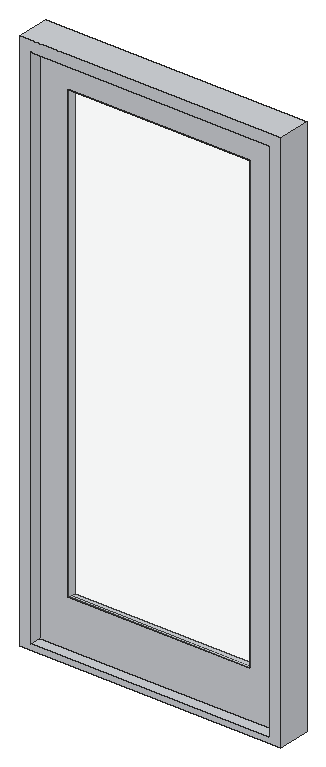
Revit family "PHLS Door", category Doors, host Wall, Revit 2018 (continued)
Definition of nested family "dReveal Right Side Text - Elevation"
  Lines and regions (mm)
    Filled region 7, type "Solid Fill - Blue", in view "Ref. Level"
      outline origin (140.799, 0, 0) x (1, 0, 0) y (0, 1, 0)
        loop
          line (-188.129, -25.472) -> (-174.751, -25.472)
          spline (-174.751, -25.472) -> (-175.33, -18.793) -> (-178.232, -15.972) -> (-182.297, -15.286) -> (-185.875, -16.235) -> (-188.923, -19.053) -> (-190.829, -22.908) -> (-191.378, -26.678) -> (-190.398, -30.629) -> (-187.637, -33.408) -> (-183.785, -34.191) -> (-179.629, -32.861) -> (-175.591, -27.915)
          line (-175.591, -27.915) -> (-178.628, -27.65)
          spline (-178.628, -27.65) -> (-179.383, -29.083) -> (-180.181, -30.112) -> (-181.08, -30.842) -> (-182.086, -31.328) -> (-183.191, -31.613) -> (-184.325, -31.69) -> (-185.385, -31.524) -> (-186.294, -31.082) -> (-187.053, -30.342) -> (-187.68, -29.283) -> (-188.105, -27.762) -> (-188.129, -25.472)
        loop
          spline (-177.445, -23.161) -> (-177.526, -21.224) -> (-177.805, -19.993) -> (-178.317, -19.083) -> (-179.061, -18.396) -> (-179.944, -17.928) -> (-180.872, -17.685) -> (-181.802, -17.626) -> (-182.746, -17.748) -> (-183.806, -18.125) -> (-185.057, -18.884) -> (-186.406, -20.407) -> (-187.699, -23.161)
          line (-187.699, -23.161) -> (-177.445, -23.161)
    Filled region 8, type "Solid Fill - Blue", in view "Ref. Level"
      outline origin (177.936, 0, 0) x (1, 0, 0) y (0, 1, 0)
        loop
          line (-188.129, -25.472) -> (-174.751, -25.472)
          spline (-174.751, -25.472) -> (-175.33, -18.793) -> (-178.232, -15.972) -> (-182.297, -15.286) -> (-185.875, -16.235) -> (-188.923, -19.053) -> (-190.829, -22.908) -> (-191.378, -26.678) -> (-190.398, -30.629) -> (-187.637, -33.408) -> (-183.785, -34.191) -> (-179.629, -32.861) -> (-175.591, -27.915)
          line (-175.591, -27.915) -> (-178.628, -27.65)
          spline (-178.628, -27.65) -> (-179.383, -29.083) -> (-180.181, -30.112) -> (-181.08, -30.842) -> (-182.086, -31.328) -> (-183.191, -31.613) -> (-184.325, -31.69) -> (-185.385, -31.524) -> (-186.294, -31.082) -> (-187.053, -30.342) -> (-187.68, -29.283) -> (-188.105, -27.762) -> (-188.129, -25.472)
        loop
          spline (-177.445, -23.161) -> (-177.526, -21.224) -> (-177.805, -19.993) -> (-178.317, -19.083) -> (-179.061, -18.396) -> (-179.944, -17.928) -> (-180.872, -17.685) -> (-181.802, -17.626) -> (-182.746, -17.748) -> (-183.806, -18.125) -> (-185.057, -18.884) -> (-186.406, -20.407) -> (-187.699, -23.161)
          line (-187.699, -23.161) -> (-177.445, -23.161)
    Filled region 9, type "Solid Fill - Blue", in view "Ref. Level"
      outline origin (162.443, 0, 0) x (1, 0, 0) y (0, 1, 0)
        loop
          line (-189.88, -33.819) -> (-186.425, -33.819) -> (-175.939, -15.656) -> (-179.19, -15.656) -> (-187.655, -30.927) -> (-189.88, -15.656) -> (-192.832, -15.656) -> (-189.88, -33.819)
    Filled region 10, type "Solid Fill - Blue", in view "Ref. Level"
      outline origin (197.496, 0, 0) x (1, 0, 0) y (0, 1, 0)
        loop
          spline (-176.731, -33.81) -> (-177.048, -30.756) -> (-176.568, -27.729) -> (-175.862, -24.428) -> (-175.296, -21.761) -> (-175.209, -19.472) -> (-176.174, -17.323) -> (-178.088, -15.946) -> (-180.408, -15.324) -> (-183.076, -15.244) -> (-185.871, -15.924) -> (-188.445, -17.662) -> (-190.254, -20.766)
          line (-190.254, -20.766) -> (-187.177, -21.036)
          spline (-187.177, -21.036) -> (-186.217, -19.367) -> (-185.166, -18.49) -> (-184.123, -18.053) -> (-183.14, -17.828) -> (-182.213, -17.753) -> (-181.329, -17.788) -> (-180.488, -17.931) -> (-179.696, -18.205) -> (-178.989, -18.646) -> (-178.457, -19.328) -> (-178.242, -20.429) -> (-178.61, -22.434)
          spline (-178.61, -22.434) -> (-182.106, -22.969) -> (-185.94, -23.268) -> (-188.411, -23.836) -> (-190.183, -24.81) -> (-191.466, -26.329) -> (-192.072, -28.375) -> (-191.785, -30.63) -> (-190.666, -32.589) -> (-188.815, -33.834) -> (-186.625, -34.269) -> (-184.308, -33.979) -> (-180.197, -31.547)
          line (-180.197, -31.547) -> (-179.837, -33.81) -> (-176.731, -33.81)
        loop
          arc (-179.062, -24.59) -> (-179.61, -24.797) -> (-180.176, -24.947) r 5.632
          spline (-180.176, -24.947) -> (-183.054, -25.289) -> (-185.569, -25.599) -> (-187.565, -26.26) -> (-188.711, -27.474) -> (-189.006, -29.249) -> (-188.323, -30.798) -> (-186.742, -31.691) -> (-184.734, -31.772) -> (-182.898, -31.193) -> (-181.336, -30.093) -> (-180.13, -28.385) -> (-179.062, -24.59)
    Filled region 11, type "Solid Fill - Blue", in view "Ref. Level"
      outline origin (212.589, 0, 0) x (1, 0, 0) y (0, 1, 0)
        loop
          line (-188.472, -33.793) -> (-185.362, -33.793) -> (-180.225, -8.762) -> (-183.335, -8.762) -> (-188.472, -33.793)
    Filled region 12, type "Solid Fill - Blue", in view "Ref. Level"
      outline origin (374.336, 0, 0) x (1, 0, 0) y (0, 1, 0)
        loop
          line (-188.129, -25.472) -> (-174.751, -25.472)
          spline (-174.751, -25.472) -> (-175.33, -18.793) -> (-178.232, -15.972) -> (-182.297, -15.286) -> (-185.875, -16.235) -> (-188.923, -19.053) -> (-190.829, -22.908) -> (-191.378, -26.678) -> (-190.398, -30.629) -> (-187.637, -33.408) -> (-183.785, -34.191) -> (-179.629, -32.861) -> (-175.591, -27.915)
          line (-175.591, -27.915) -> (-178.628, -27.65)
          spline (-178.628, -27.65) -> (-179.383, -29.083) -> (-180.181, -30.112) -> (-181.08, -30.842) -> (-182.086, -31.328) -> (-183.191, -31.613) -> (-184.325, -31.69) -> (-185.385, -31.524) -> (-186.294, -31.082) -> (-187.053, -30.342) -> (-187.68, -29.283) -> (-188.105, -27.762) -> (-188.129, -25.472)
        loop
          spline (-177.445, -23.161) -> (-177.526, -21.224) -> (-177.805, -19.993) -> (-178.317, -19.083) -> (-179.061, -18.396) -> (-179.944, -17.928) -> (-180.872, -17.685) -> (-181.802, -17.626) -> (-182.746, -17.748) -> (-183.806, -18.125) -> (-185.057, -18.884) -> (-186.406, -20.407) -> (-187.699, -23.161)
          line (-187.699, -23.161) -> (-177.445, -23.161)
    Filled region 13, type "Solid Fill - Blue", in view "Ref. Level"
      outline origin (363.908, 0, 0) x (1, 0, 0) y (0, 1, 0)
        loop
          line (-189.097, -33.793) -> (-186.143, -33.793) -> (-181.007, -8.762) -> (-183.96, -8.762) -> (-185.992, -18.666)
          spline (-185.992, -18.666) -> (-189.018, -15.645) -> (-191.89, -15.318) -> (-194.745, -16.312) -> (-197.017, -18.256) -> (-198.758, -21.005) -> (-199.707, -23.911) -> (-199.98, -27.227) -> (-199.492, -30.174) -> (-197.974, -32.627) -> (-195.435, -34.052) -> (-192.553, -33.977) -> (-188.596, -31.353)
          line (-188.596, -31.353) -> (-189.097, -33.793)
        loop
          spline (-187.074, -23.939) -> (-187.766, -19.434) -> (-189.652, -17.96) -> (-191.978, -17.855) -> (-193.982, -19.036) -> (-195.419, -21.043) -> (-196.57, -23.675) -> (-197.008, -26.615) -> (-196.558, -29.314) -> (-195.29, -31.127) -> (-193.225, -31.745) -> (-190.995, -31.199) -> (-187.564, -26.326)
          line (-187.564, -26.326) -> (-187.074, -23.939)
    Filled region 14, type "Solid Fill - Blue", in view "Ref. Level"
      outline origin (301.91, 0, 0) x (1, 0, 0) y (0, 1, 0)
        loop
          spline (-188.225, -31.068) -> (-188.142, -32.2) -> (-187.85, -32.743) -> (-187.548, -33.075) -> (-187.215, -33.366) -> (-186.817, -33.641) -> (-186.334, -33.851) -> (-185.8, -33.988) -> (-185.279, -34.07) -> (-184.77, -34.11) -> (-184.203, -34.117) -> (-183.457, -34.057) -> (-182.296, -33.793)
          line (-182.296, -33.793) -> (-181.778, -31.268)
          spline (-181.778, -31.268) -> (-182.615, -31.431) -> (-183.256, -31.506) -> (-183.748, -31.513) -> (-184.131, -31.466) -> (-184.428, -31.371) -> (-184.66, -31.233) -> (-184.832, -31.045) -> (-184.939, -30.798) -> (-184.983, -30.489) -> (-184.981, -30.117) -> (-184.902, -29.552) -> (-184.676, -28.55)
          line (-184.676, -28.55) -> (-182.44, -18.033) -> (-179.466, -18.033) -> (-178.977, -15.651) -> (-181.952, -15.651) -> (-180.595, -9.043) -> (-184.142, -11.174) -> (-185.061, -15.651) -> (-187.516, -15.651) -> (-188.004, -18.033) -> (-185.55, -18.033) -> (-188.225, -31.068)
    Filled region 15, type "Solid Fill - Blue", in view "Ref. Level"
      outline origin (342.757, 0, 0) x (1, 0, 0) y (0, 1, 0)
        loop
          line (-187.046, -33.813) -> (-183.92, -33.813) -> (-180.059, -15.651) -> (-183.186, -15.651) -> (-187.046, -33.813)
        loop
          line (-178.662, -8.76) -> (-181.772, -8.76) -> (-182.479, -12.206) -> (-179.369, -12.206) -> (-178.662, -8.76)
    Filled region 16, type "Solid Fill - Blue", in view "Ref. Level"
      outline origin (325.902, 0, 0) x (1, 0, 0) y (0, 1, 0)
        loop
          spline (-191.902, -25.696) -> (-188.873, -32.573) -> (-184.7, -34.054) -> (-179.1, -33.911) -> (-174.626, -31.632) -> (-172.605, -27.747) -> (-173.701, -23.276) -> (-177.807, -20.444) -> (-183.106, -18.033) -> (-185.511, -14.656) -> (-182.77, -11.452) -> (-177.656, -11.4) -> (-174.053, -16.091)
          line (-174.053, -16.091) -> (-170.823, -15.809)
          spline (-170.823, -15.809) -> (-173.206, -10.35) -> (-177.749, -8.428) -> (-183.329, -8.698) -> (-187.292, -10.915) -> (-188.76, -15.635) -> (-186.187, -19.894) -> (-181.292, -22.401) -> (-176.599, -25.193) -> (-176.643, -29.277) -> (-181.021, -31.416) -> (-186.304, -30.526) -> (-188.603, -25.407)
          line (-188.603, -25.407) -> (-191.902, -25.696)
    Filled region 17, type "Solid Fill - Blue", in view "Ref. Level"
      outline origin (231.047, 0, 0) x (1, 0, 0) y (0, 1, 0)
        loop
          line (-188.472, -33.793) -> (-185.05, -33.793) -> (-182.768, -22.676) -> (-178.749, -22.676)
          spline (-178.749, -22.676) -> (-177.093, -22.836) -> (-175.853, -23.268) -> (-174.945, -23.899) -> (-174.288, -24.657) -> (-173.796, -25.469) -> (-173.389, -26.266) -> (-173.006, -27.05) -> (-172.612, -27.905) -> (-172.172, -28.918) -> (-171.652, -30.178) -> (-171.017, -31.774) -> (-170.235, -33.793)
          line (-170.235, -33.793) -> (-166.55, -33.793)
          spline (-166.55, -33.793) -> (-167.221, -32.11) -> (-167.783, -30.698) -> (-168.262, -29.514) -> (-168.682, -28.512) -> (-169.068, -27.647) -> (-169.446, -26.874) -> (-169.84, -26.149) -> (-170.279, -25.44) -> (-170.789, -24.735) -> (-171.402, -24.023) -> (-172.145, -23.293) -> (-173.048, -22.536)
          spline (-173.048, -22.536) -> (-169.187, -21.607) -> (-167.872, -20.91) -> (-166.626, -19.99) -> (-165.691, -18.809) -> (-165.041, -17.479) -> (-164.64, -16.087) -> (-164.569, -14.41) -> (-164.781, -12.941) -> (-165.311, -11.614) -> (-166.271, -10.347) -> (-167.333, -9.51) -> (-170.221, -8.762)
          line (-170.221, -8.762) -> (-183.335, -8.762) -> (-188.472, -33.793)
        loop
          line (-180.453, -11.396) -> (-182.195, -19.881) -> (-174.048, -19.881)
          spline (-174.048, -19.881) -> (-171.339, -19.39) -> (-170.403, -18.98) -> (-169.624, -18.453) -> (-168.951, -17.766) -> (-168.372, -16.767) -> (-167.965, -15.727) -> (-167.815, -14.787) -> (-167.91, -13.846) -> (-168.186, -12.981) -> (-168.936, -12.084) -> (-169.762, -11.678) -> (-172.089, -11.396)
          line (-172.089, -11.396) -> (-180.453, -11.396)
    Filled region 18, type "Solid Fill - Blue", in view "Ref. Level"
      outline origin (254.228, 0, 0) x (1, 0, 0) y (0, 1, 0)
        loop
          line (-187.046, -33.813) -> (-183.92, -33.813) -> (-180.059, -15.651) -> (-183.186, -15.651) -> (-187.046, -33.813)
        loop
          line (-178.662, -8.76) -> (-181.772, -8.76) -> (-182.479, -12.206) -> (-179.369, -12.206) -> (-178.662, -8.76)
    Filled region 19, type "Solid Fill - Blue", in view "Ref. Level"
      outline origin (273.129, 0, 0) x (1, 0, 0) y (0, 1, 0)
        loop
          line (-180.059, -15.651) -> (-182.873, -15.651) -> (-183.507, -18.631)
          spline (-183.507, -18.631) -> (-187.01, -15.474) -> (-189.921, -15.283) -> (-192.548, -16.16) -> (-194.909, -18.032) -> (-196.766, -20.673) -> (-197.861, -23.651) -> (-198.089, -26.745) -> (-197.453, -29.77) -> (-195.976, -32.014) -> (-193.714, -33.506) -> (-190.414, -33.658) -> (-186.497, -31.375)
          spline (-186.497, -31.375) -> (-187.176, -34.352) -> (-187.597, -35.867) -> (-188.052, -36.823) -> (-188.69, -37.524) -> (-189.569, -38.048) -> (-190.623, -38.384) -> (-191.767, -38.529) -> (-192.924, -38.517) -> (-193.958, -38.361) -> (-194.751, -38.029) -> (-195.45, -37.333) -> (-195.731, -35.767)
          line (-195.731, -35.767) -> (-198.821, -35.466)
          spline (-198.821, -35.466) -> (-198.736, -37.55) -> (-198.091, -39.018) -> (-196.931, -40.043) -> (-195.401, -40.659) -> (-193.776, -40.988) -> (-192.164, -41.084) -> (-190.591, -40.969) -> (-189.102, -40.652) -> (-187.722, -40.101) -> (-186.377, -39.083) -> (-185.025, -37.23) -> (-183.92, -33.813)
          line (-183.92, -33.813) -> (-180.059, -15.651)
        loop
          spline (-191.883, -31.164) -> (-190.589, -31.311) -> (-189.243, -30.995) -> (-187.939, -30.237) -> (-186.765, -29.087) -> (-185.801, -27.626) -> (-185.113, -25.951) -> (-184.747, -24.178) -> (-184.729, -22.427) -> (-185.06, -20.818) -> (-185.717, -19.46) -> (-186.655, -18.445) -> (-187.811, -17.844)
          spline (-187.811, -17.844) -> (-189.106, -17.696) -> (-190.451, -18.012) -> (-191.755, -18.771) -> (-192.93, -19.92) -> (-193.894, -21.382) -> (-194.582, -23.056) -> (-194.948, -24.829) -> (-194.966, -26.58) -> (-194.635, -28.189) -> (-193.978, -29.548) -> (-193.039, -30.562) -> (-191.883, -31.164)
    Filled region 20, type "Solid Fill - Blue", in view "Ref. Level"
      outline origin (280.845, 0, 0) x (1, 0, 0) y (0, 1, 0)
        loop
          line (-187.203, -33.813) -> (-184.076, -33.813) -> (-182.029, -24.183)
          spline (-182.029, -24.183) -> (-181.055, -21.496) -> (-180.114, -19.985) -> (-179.213, -19.156) -> (-178.355, -18.578) -> (-177.493, -18.149) -> (-176.57, -17.875) -> (-175.595, -17.762) -> (-174.69, -17.814) -> (-173.937, -18.051) -> (-173.31, -18.53) -> (-172.9, -19.34) -> (-173.029, -21.034)
          line (-173.029, -21.034) -> (-175.745, -33.813) -> (-172.618, -33.813) -> (-170.184, -22.361)
          spline (-170.184, -22.361) -> (-169.793, -19.618) -> (-169.966, -18.045) -> (-170.478, -17.066) -> (-171.158, -16.393) -> (-171.899, -15.878) -> (-172.776, -15.508) -> (-173.861, -15.299) -> (-175.038, -15.27) -> (-176.173, -15.439) -> (-177.283, -15.818) -> (-178.473, -16.46) -> (-180.15, -17.713)
          line (-180.15, -17.713) -> (-180.789, -18.352) -> (-178.751, -8.76) -> (-181.877, -8.76) -> (-187.203, -33.813)
Definition of nested family "oOver Text - Elevation"
  Reference planes
    plane 1 "Center (Front/Back)": y = 0
    plane 2: z = 0
    plane 3 "Center (Left/Right)": x = 0
  Lines and regions (mm)
    Filled region 1, type "Solid Fill - Blue", in view "Ref. Level"
      outline origin (89.608, 43, 0) x (1, 0, 0) y (0, 1, 0)
        loop
          line (-188.472, -33.793) -> (-185.05, -33.793) -> (-182.961, -23.613) -> (-175.674, -23.613)
          spline (-175.674, -23.613) -> (-171.33, -22.908) -> (-169.791, -22.309) -> (-168.405, -21.311) -> (-167.201, -20.024) -> (-166.317, -18.518) -> (-165.768, -16.888) -> (-165.579, -15.289) -> (-165.618, -13.63) -> (-166.119, -11.979) -> (-167.07, -10.588) -> (-168.322, -9.573) -> (-171.627, -8.762)
          line (-171.627, -8.762) -> (-183.335, -8.762) -> (-188.472, -33.793)
        loop
          line (-180.453, -11.396) -> (-182.387, -20.819) -> (-175.67, -20.819)
          spline (-175.67, -20.819) -> (-172.662, -20.274) -> (-171.624, -19.818) -> (-170.758, -19.233) -> (-170.01, -18.47) -> (-169.367, -17.36) -> (-168.916, -16.205) -> (-168.749, -15.161) -> (-168.855, -14.116) -> (-169.161, -13.156) -> (-169.994, -12.16) -> (-170.911, -11.709) -> (-173.495, -11.396)
          line (-173.495, -11.396) -> (-180.453, -11.396)
    Filled region 2, type "Solid Fill - Blue", in view "Ref. Level"
      outline origin (112.819, 43, 0) x (1, 0, 0) y (0, 1, 0)
        loop
          line (-188.472, -33.793) -> (-185.05, -33.793) -> (-182.624, -21.973) -> (-169.658, -21.973) -> (-172.083, -33.793) -> (-168.661, -33.793) -> (-163.525, -8.762) -> (-166.947, -8.762) -> (-169.084, -19.178) -> (-182.05, -19.178) -> (-179.913, -8.762) -> (-183.335, -8.762) -> (-188.472, -33.793)
    Filled region 3, type "Solid Fill - Blue", in view "Ref. Level"
      outline origin (138.023, 43, 0) x (1, 0, 0) y (0, 1, 0)
        loop
          line (-188.472, -33.793) -> (-185.05, -33.793) -> (-182.961, -23.613) -> (-175.674, -23.613)
          spline (-175.674, -23.613) -> (-171.33, -22.908) -> (-169.791, -22.309) -> (-168.405, -21.311) -> (-167.201, -20.024) -> (-166.317, -18.518) -> (-165.768, -16.888) -> (-165.579, -15.289) -> (-165.618, -13.63) -> (-166.119, -11.979) -> (-167.07, -10.588) -> (-168.322, -9.573) -> (-171.627, -8.762)
          line (-171.627, -8.762) -> (-183.335, -8.762) -> (-188.472, -33.793)
        loop
          line (-180.453, -11.396) -> (-182.387, -20.819) -> (-175.67, -20.819)
          spline (-175.67, -20.819) -> (-172.662, -20.274) -> (-171.624, -19.818) -> (-170.758, -19.233) -> (-170.01, -18.47) -> (-169.367, -17.36) -> (-168.916, -16.205) -> (-168.749, -15.161) -> (-168.855, -14.116) -> (-169.161, -13.156) -> (-169.994, -12.16) -> (-170.911, -11.709) -> (-173.495, -11.396)
          line (-173.495, -11.396) -> (-180.453, -11.396)
    Filled region 4, type "Solid Fill - Blue", in view "Ref. Level"
      outline origin (161.087, 43, 0) x (1, 0, 0) y (0, 1, 0)
        loop
          line (-188.472, -33.793) -> (-185.05, -33.793) -> (-182.961, -23.613) -> (-175.674, -23.613)
          spline (-175.674, -23.613) -> (-171.33, -22.908) -> (-169.791, -22.309) -> (-168.405, -21.311) -> (-167.201, -20.024) -> (-166.317, -18.518) -> (-165.768, -16.888) -> (-165.579, -15.289) -> (-165.618, -13.63) -> (-166.119, -11.979) -> (-167.07, -10.588) -> (-168.322, -9.573) -> (-171.627, -8.762)
          line (-171.627, -8.762) -> (-183.335, -8.762) -> (-188.472, -33.793)
        loop
          line (-180.453, -11.396) -> (-182.387, -20.819) -> (-175.67, -20.819)
          spline (-175.67, -20.819) -> (-172.662, -20.274) -> (-171.624, -19.818) -> (-170.758, -19.233) -> (-170.01, -18.47) -> (-169.367, -17.36) -> (-168.916, -16.205) -> (-168.749, -15.161) -> (-168.855, -14.116) -> (-169.161, -13.156) -> (-169.994, -12.16) -> (-170.911, -11.709) -> (-173.495, -11.396)
          line (-173.495, -11.396) -> (-180.453, -11.396)
    Filled region 5, type "Solid Fill - Blue", in view "Ref. Level"
      outline origin (261.661, 43, 0) x (1, 0, 0) y (0, 1, 0)
        loop
          line (-188.129, -25.472) -> (-174.751, -25.472)
          spline (-174.751, -25.472) -> (-175.33, -18.793) -> (-178.232, -15.972) -> (-182.297, -15.286) -> (-185.875, -16.235) -> (-188.923, -19.053) -> (-190.829, -22.908) -> (-191.378, -26.678) -> (-190.398, -30.629) -> (-187.637, -33.408) -> (-183.785, -34.191) -> (-179.629, -32.861) -> (-175.591, -27.915)
          line (-175.591, -27.915) -> (-178.628, -27.65)
          spline (-178.628, -27.65) -> (-179.383, -29.083) -> (-180.181, -30.112) -> (-181.08, -30.842) -> (-182.086, -31.328) -> (-183.191, -31.613) -> (-184.325, -31.69) -> (-185.385, -31.524) -> (-186.294, -31.082) -> (-187.053, -30.342) -> (-187.68, -29.283) -> (-188.105, -27.762) -> (-188.129, -25.472)
        loop
          spline (-177.445, -23.161) -> (-177.526, -21.224) -> (-177.805, -19.993) -> (-178.317, -19.083) -> (-179.061, -18.396) -> (-179.944, -17.928) -> (-180.872, -17.685) -> (-181.802, -17.626) -> (-182.746, -17.748) -> (-183.806, -18.125) -> (-185.057, -18.884) -> (-186.406, -20.407) -> (-187.699, -23.161)
          line (-187.699, -23.161) -> (-177.445, -23.161)
    Filled region 6, type "Solid Fill - Blue", in view "Ref. Level"
      outline origin (246.168, 43, 0) x (1, 0, 0) y (0, 1, 0)
        loop
          line (-189.88, -33.819) -> (-186.425, -33.819) -> (-175.939, -15.656) -> (-179.19, -15.656) -> (-187.655, -30.927) -> (-189.88, -15.656) -> (-192.832, -15.656) -> (-189.88, -33.819)
    Filled region 7, type "Solid Fill - Blue", in view "Ref. Level"
      outline origin (275.905, 42.972, 0) x (1, 0, 0) y (0, 1, 0)
        loop
          line (-187.203, -33.813) -> (-184.232, -33.813) -> (-182.187, -24.191)
          spline (-182.187, -24.191) -> (-181.595, -22.531) -> (-181.014, -21.296) -> (-180.448, -20.401) -> (-179.904, -19.758) -> (-179.385, -19.282) -> (-178.893, -18.903) -> (-178.403, -18.603) -> (-177.889, -18.375) -> (-177.325, -18.211) -> (-176.675, -18.137) -> (-175.886, -18.259) -> (-174.899, -18.698)
          line (-174.899, -18.698) -> (-173.695, -15.861)
          spline (-173.695, -15.861) -> (-174.712, -15.452) -> (-175.433, -15.243) -> (-176.054, -15.188) -> (-176.66, -15.253) -> (-177.241, -15.405) -> (-177.786, -15.618) -> (-178.303, -15.896) -> (-178.811, -16.26) -> (-179.331, -16.733) -> (-179.901, -17.353) -> (-180.588, -18.186) -> (-181.46, -19.3)
          line (-181.46, -19.3) -> (-180.684, -15.651) -> (-183.342, -15.651) -> (-187.203, -33.813)
    Filled region 8, type "Solid Fill - Blue", in view "Ref. Level"
      outline origin (231.737, 44.261, 0) x (1, 0, 0) y (0, 1, 0)
        loop
          spline (-197.159, -32.146) -> (-194.96, -32.651) -> (-192.646, -32.462) -> (-190.372, -31.592) -> (-188.295, -30.101) -> (-186.555, -28.09) -> (-185.271, -25.696) -> (-184.532, -23.082) -> (-184.386, -20.427) -> (-184.844, -17.911) -> (-185.876, -15.706) -> (-187.41, -13.962) -> (-189.341, -12.798)
          spline (-189.341, -12.798) -> (-191.54, -12.293) -> (-193.854, -12.482) -> (-196.128, -13.352) -> (-198.205, -14.843) -> (-199.945, -16.854) -> (-201.229, -19.248) -> (-201.968, -21.862) -> (-202.114, -24.517) -> (-201.655, -27.033) -> (-200.624, -29.238) -> (-199.09, -30.982) -> (-197.159, -32.146)
        loop
          spline (-198.217, -34.766) -> (-195.257, -35.474) -> (-192.161, -35.297) -> (-189.138, -34.245) -> (-186.396, -32.391) -> (-184.121, -29.862) -> (-182.468, -26.828) -> (-181.55, -23.498) -> (-181.429, -20.098) -> (-182.114, -16.859) -> (-183.557, -14.003) -> (-185.662, -11.724) -> (-188.283, -10.178)
          spline (-188.283, -10.178) -> (-191.243, -9.47) -> (-194.339, -9.647) -> (-197.362, -10.699) -> (-200.104, -12.553) -> (-202.379, -15.082) -> (-204.032, -18.116) -> (-204.95, -21.446) -> (-205.071, -24.846) -> (-204.386, -28.085) -> (-202.942, -30.941) -> (-200.838, -33.22) -> (-198.217, -34.766)
    Filled region 9, type "Solid Fill - Blue", in view "Ref. Level"
      outline origin (199.751, 43.237, 0) x (1, 0, 0) y (0, 1, 0)
        loop
          spline (-187.2, -31.928) -> (-185.814, -32.036) -> (-184.391, -31.647) -> (-183.027, -30.787) -> (-181.817, -29.514) -> (-180.842, -27.915) -> (-180.169, -26.1) -> (-179.844, -24.191) -> (-179.889, -22.319) -> (-180.301, -20.612) -> (-181.051, -19.185) -> (-182.089, -18.136) -> (-183.345, -17.537)
          spline (-183.345, -17.537) -> (-184.731, -17.428) -> (-186.154, -17.818) -> (-187.518, -18.678) -> (-188.728, -19.951) -> (-189.703, -21.549) -> (-190.376, -23.365) -> (-190.701, -25.274) -> (-190.656, -27.146) -> (-190.244, -28.853) -> (-189.494, -30.28) -> (-188.455, -31.328) -> (-187.2, -31.928)
        loop
          spline (-187.969, -34.137) -> (-185.791, -34.414) -> (-183.578, -34.032) -> (-181.481, -33.016) -> (-179.642, -31.436) -> (-178.186, -29.399) -> (-177.214, -27.043) -> (-176.79, -24.53) -> (-176.945, -22.031) -> (-177.667, -19.717) -> (-178.908, -17.743) -> (-180.582, -16.247) -> (-182.576, -15.328)
          spline (-182.576, -15.328) -> (-184.753, -15.05) -> (-186.967, -15.433) -> (-189.064, -16.448) -> (-190.903, -18.029) -> (-192.359, -20.066) -> (-193.331, -22.422) -> (-193.755, -24.934) -> (-193.6, -27.433) -> (-192.878, -29.748) -> (-191.637, -31.721) -> (-189.963, -33.218) -> (-187.969, -34.137)
Definition of nested family "dOver Text - Elevation"
  Reference planes
    plane 1 "Center (Front/Back)": y = 0
    plane 2: z = 0
    plane 3 "Center (Left/Right)": x = 0
  Lines and regions (mm)
    Filled region 1, type "Solid Fill - Blue", in view "Ref. Level"
      outline origin (89.608, 0, 0) x (1, 0, 0) y (0, 1, 0)
        loop
          line (-188.472, -33.793) -> (-185.05, -33.793) -> (-182.961, -23.613) -> (-175.674, -23.613)
          spline (-175.674, -23.613) -> (-171.33, -22.908) -> (-169.791, -22.309) -> (-168.405, -21.311) -> (-167.201, -20.024) -> (-166.317, -18.518) -> (-165.768, -16.888) -> (-165.579, -15.289) -> (-165.618, -13.63) -> (-166.119, -11.979) -> (-167.07, -10.588) -> (-168.322, -9.573) -> (-171.627, -8.762)
          line (-171.627, -8.762) -> (-183.335, -8.762) -> (-188.472, -33.793)
        loop
          line (-180.453, -11.396) -> (-182.387, -20.819) -> (-175.67, -20.819)
          spline (-175.67, -20.819) -> (-172.662, -20.274) -> (-171.624, -19.818) -> (-170.758, -19.233) -> (-170.01, -18.47) -> (-169.367, -17.36) -> (-168.916, -16.205) -> (-168.749, -15.161) -> (-168.855, -14.116) -> (-169.161, -13.156) -> (-169.994, -12.16) -> (-170.911, -11.709) -> (-173.495, -11.396)
          line (-173.495, -11.396) -> (-180.453, -11.396)
    Filled region 2, type "Solid Fill - Blue", in view "Ref. Level"
      outline origin (112.819, 0, 0) x (1, 0, 0) y (0, 1, 0)
        loop
          line (-188.472, -33.793) -> (-185.05, -33.793) -> (-182.624, -21.973) -> (-169.658, -21.973) -> (-172.083, -33.793) -> (-168.661, -33.793) -> (-163.525, -8.762) -> (-166.947, -8.762) -> (-169.084, -19.178) -> (-182.05, -19.178) -> (-179.913, -8.762) -> (-183.335, -8.762) -> (-188.472, -33.793)
    Filled region 3, type "Solid Fill - Blue", in view "Ref. Level"
      outline origin (138.023, 0, 0) x (1, 0, 0) y (0, 1, 0)
        loop
          line (-188.472, -33.793) -> (-185.05, -33.793) -> (-182.961, -23.613) -> (-175.674, -23.613)
          spline (-175.674, -23.613) -> (-171.33, -22.908) -> (-169.791, -22.309) -> (-168.405, -21.311) -> (-167.201, -20.024) -> (-166.317, -18.518) -> (-165.768, -16.888) -> (-165.579, -15.289) -> (-165.618, -13.63) -> (-166.119, -11.979) -> (-167.07, -10.588) -> (-168.322, -9.573) -> (-171.627, -8.762)
          line (-171.627, -8.762) -> (-183.335, -8.762) -> (-188.472, -33.793)
        loop
          line (-180.453, -11.396) -> (-182.387, -20.819) -> (-175.67, -20.819)
          spline (-175.67, -20.819) -> (-172.662, -20.274) -> (-171.624, -19.818) -> (-170.758, -19.233) -> (-170.01, -18.47) -> (-169.367, -17.36) -> (-168.916, -16.205) -> (-168.749, -15.161) -> (-168.855, -14.116) -> (-169.161, -13.156) -> (-169.994, -12.16) -> (-170.911, -11.709) -> (-173.495, -11.396)
          line (-173.495, -11.396) -> (-180.453, -11.396)
    Filled region 4, type "Solid Fill - Blue", in view "Ref. Level"
      outline origin (161.087, 0, 0) x (1, 0, 0) y (0, 1, 0)
        loop
          line (-188.472, -33.793) -> (-185.05, -33.793) -> (-182.961, -23.613) -> (-175.674, -23.613)
          spline (-175.674, -23.613) -> (-171.33, -22.908) -> (-169.791, -22.309) -> (-168.405, -21.311) -> (-167.201, -20.024) -> (-166.317, -18.518) -> (-165.768, -16.888) -> (-165.579, -15.289) -> (-165.618, -13.63) -> (-166.119, -11.979) -> (-167.07, -10.588) -> (-168.322, -9.573) -> (-171.627, -8.762)
          line (-171.627, -8.762) -> (-183.335, -8.762) -> (-188.472, -33.793)
        loop
          line (-180.453, -11.396) -> (-182.387, -20.819) -> (-175.67, -20.819)
          spline (-175.67, -20.819) -> (-172.662, -20.274) -> (-171.624, -19.818) -> (-170.758, -19.233) -> (-170.01, -18.47) -> (-169.367, -17.36) -> (-168.916, -16.205) -> (-168.749, -15.161) -> (-168.855, -14.116) -> (-169.161, -13.156) -> (-169.994, -12.16) -> (-170.911, -11.709) -> (-173.495, -11.396)
          line (-173.495, -11.396) -> (-180.453, -11.396)
    Filled region 5, type "Solid Fill - Blue", in view "Ref. Level"
      outline origin (206.087, 0, 0) x (1, 0, 0) y (0, 1, 0)
        loop
          line (-189.097, -33.793) -> (-186.143, -33.793) -> (-181.007, -8.762) -> (-183.96, -8.762) -> (-185.992, -18.666)
          spline (-185.992, -18.666) -> (-189.018, -15.645) -> (-191.89, -15.318) -> (-194.745, -16.312) -> (-197.017, -18.256) -> (-198.758, -21.005) -> (-199.707, -23.911) -> (-199.98, -27.227) -> (-199.492, -30.174) -> (-197.974, -32.627) -> (-195.435, -34.052) -> (-192.553, -33.977) -> (-188.596, -31.353)
          line (-188.596, -31.353) -> (-189.097, -33.793)
        loop
          spline (-187.074, -23.939) -> (-187.766, -19.434) -> (-189.652, -17.96) -> (-191.978, -17.855) -> (-193.982, -19.036) -> (-195.419, -21.043) -> (-196.57, -23.675) -> (-197.008, -26.615) -> (-196.558, -29.314) -> (-195.29, -31.127) -> (-193.225, -31.745) -> (-190.995, -31.199) -> (-187.564, -26.326)
          line (-187.564, -26.326) -> (-187.074, -23.939)
    Filled region 6, type "Solid Fill - Blue", in view "Ref. Level"
      outline origin (261.661, 0, 0) x (1, 0, 0) y (0, 1, 0)
        loop
          line (-188.129, -25.472) -> (-174.751, -25.472)
          spline (-174.751, -25.472) -> (-175.33, -18.793) -> (-178.232, -15.972) -> (-182.297, -15.286) -> (-185.875, -16.235) -> (-188.923, -19.053) -> (-190.829, -22.908) -> (-191.378, -26.678) -> (-190.398, -30.629) -> (-187.637, -33.408) -> (-183.785, -34.191) -> (-179.629, -32.861) -> (-175.591, -27.915)
          line (-175.591, -27.915) -> (-178.628, -27.65)
          spline (-178.628, -27.65) -> (-179.383, -29.083) -> (-180.181, -30.112) -> (-181.08, -30.842) -> (-182.086, -31.328) -> (-183.191, -31.613) -> (-184.325, -31.69) -> (-185.385, -31.524) -> (-186.294, -31.082) -> (-187.053, -30.342) -> (-187.68, -29.283) -> (-188.105, -27.762) -> (-188.129, -25.472)
        loop
          spline (-177.445, -23.161) -> (-177.526, -21.224) -> (-177.805, -19.993) -> (-178.317, -19.083) -> (-179.061, -18.396) -> (-179.944, -17.928) -> (-180.872, -17.685) -> (-181.802, -17.626) -> (-182.746, -17.748) -> (-183.806, -18.125) -> (-185.057, -18.884) -> (-186.406, -20.407) -> (-187.699, -23.161)
          line (-187.699, -23.161) -> (-177.445, -23.161)
    Filled region 7, type "Solid Fill - Blue", in view "Ref. Level"
      outline origin (246.168, 0, 0) x (1, 0, 0) y (0, 1, 0)
        loop
          line (-189.88, -33.819) -> (-186.425, -33.819) -> (-175.939, -15.656) -> (-179.19, -15.656) -> (-187.655, -30.927) -> (-189.88, -15.656) -> (-192.832, -15.656) -> (-189.88, -33.819)
    Filled region 8, type "Solid Fill - Blue", in view "Ref. Level"
      outline origin (275.905, -0.028, 0) x (1, 0, 0) y (0, 1, 0)
        loop
          line (-187.203, -33.813) -> (-184.232, -33.813) -> (-182.187, -24.191)
          spline (-182.187, -24.191) -> (-181.595, -22.531) -> (-181.014, -21.296) -> (-180.448, -20.401) -> (-179.904, -19.758) -> (-179.385, -19.282) -> (-178.893, -18.903) -> (-178.403, -18.603) -> (-177.889, -18.375) -> (-177.325, -18.211) -> (-176.675, -18.137) -> (-175.886, -18.259) -> (-174.899, -18.698)
          line (-174.899, -18.698) -> (-173.695, -15.861)
          spline (-173.695, -15.861) -> (-174.712, -15.452) -> (-175.433, -15.243) -> (-176.054, -15.188) -> (-176.66, -15.253) -> (-177.241, -15.405) -> (-177.786, -15.618) -> (-178.303, -15.896) -> (-178.811, -16.26) -> (-179.331, -16.733) -> (-179.901, -17.353) -> (-180.588, -18.186) -> (-181.46, -19.3)
          line (-181.46, -19.3) -> (-180.684, -15.651) -> (-183.342, -15.651) -> (-187.203, -33.813)
    Filled region 9, type "Solid Fill - Blue", in view "Ref. Level"
      outline origin (231.737, 1.261, 0) x (1, 0, 0) y (0, 1, 0)
        loop
          spline (-197.159, -32.146) -> (-194.96, -32.651) -> (-192.646, -32.462) -> (-190.372, -31.592) -> (-188.295, -30.101) -> (-186.555, -28.09) -> (-185.271, -25.696) -> (-184.532, -23.082) -> (-184.386, -20.427) -> (-184.844, -17.911) -> (-185.876, -15.706) -> (-187.41, -13.962) -> (-189.341, -12.798)
          spline (-189.341, -12.798) -> (-191.54, -12.293) -> (-193.854, -12.482) -> (-196.128, -13.352) -> (-198.205, -14.843) -> (-199.945, -16.854) -> (-201.229, -19.248) -> (-201.968, -21.862) -> (-202.114, -24.517) -> (-201.655, -27.033) -> (-200.624, -29.238) -> (-199.09, -30.982) -> (-197.159, -32.146)
        loop
          spline (-198.217, -34.766) -> (-195.257, -35.474) -> (-192.161, -35.297) -> (-189.138, -34.245) -> (-186.396, -32.391) -> (-184.121, -29.862) -> (-182.468, -26.828) -> (-181.55, -23.498) -> (-181.429, -20.098) -> (-182.114, -16.859) -> (-183.557, -14.003) -> (-185.662, -11.724) -> (-188.283, -10.178)
          spline (-188.283, -10.178) -> (-191.243, -9.47) -> (-194.339, -9.647) -> (-197.362, -10.699) -> (-200.104, -12.553) -> (-202.379, -15.082) -> (-204.032, -18.116) -> (-204.95, -21.446) -> (-205.071, -24.846) -> (-204.386, -28.085) -> (-202.942, -30.941) -> (-200.838, -33.22) -> (-198.217, -34.766)
Definition of nested family "dHori Text - Elevation"
  Reference planes
    plane 1 "Center (Front/Back)": y = 0
    plane 2: z = 0
    plane 3 "Center (Left/Right)": x = 0
  Lines and regions (mm)
    Filled region 1, type "Solid Fill - Blue", in view "Ref. Level"
      outline origin (96.015, 0, 0) x (1, 0, 0) y (0, 1, 0)
        loop
          line (-188.472, -33.793) -> (-185.05, -33.793) -> (-182.961, -23.613) -> (-175.674, -23.613)
          spline (-175.674, -23.613) -> (-171.33, -22.908) -> (-169.791, -22.309) -> (-168.405, -21.311) -> (-167.201, -20.024) -> (-166.317, -18.518) -> (-165.768, -16.888) -> (-165.579, -15.289) -> (-165.618, -13.63) -> (-166.119, -11.979) -> (-167.07, -10.588) -> (-168.322, -9.573) -> (-171.627, -8.762)
          line (-171.627, -8.762) -> (-183.335, -8.762) -> (-188.472, -33.793)
        loop
          line (-180.453, -11.396) -> (-182.387, -20.819) -> (-175.67, -20.819)
          spline (-175.67, -20.819) -> (-172.662, -20.274) -> (-171.624, -19.818) -> (-170.758, -19.233) -> (-170.01, -18.47) -> (-169.367, -17.36) -> (-168.916, -16.205) -> (-168.749, -15.161) -> (-168.855, -14.116) -> (-169.161, -13.156) -> (-169.994, -12.16) -> (-170.911, -11.709) -> (-173.495, -11.396)
          line (-173.495, -11.396) -> (-180.453, -11.396)
    Filled region 2, type "Solid Fill - Blue", in view "Ref. Level"
      outline origin (119.226, 0, 0) x (1, 0, 0) y (0, 1, 0)
        loop
          line (-188.472, -33.793) -> (-185.05, -33.793) -> (-182.624, -21.973) -> (-169.658, -21.973) -> (-172.083, -33.793) -> (-168.661, -33.793) -> (-163.525, -8.762) -> (-166.947, -8.762) -> (-169.084, -19.178) -> (-182.05, -19.178) -> (-179.913, -8.762) -> (-183.335, -8.762) -> (-188.472, -33.793)
    Filled region 3, type "Solid Fill - Blue", in view "Ref. Level"
      outline origin (144.429, 0, 0) x (1, 0, 0) y (0, 1, 0)
        loop
          line (-188.472, -33.793) -> (-185.05, -33.793) -> (-182.961, -23.613) -> (-175.674, -23.613)
          spline (-175.674, -23.613) -> (-171.33, -22.908) -> (-169.791, -22.309) -> (-168.405, -21.311) -> (-167.201, -20.024) -> (-166.317, -18.518) -> (-165.768, -16.888) -> (-165.579, -15.289) -> (-165.618, -13.63) -> (-166.119, -11.979) -> (-167.07, -10.588) -> (-168.322, -9.573) -> (-171.627, -8.762)
          line (-171.627, -8.762) -> (-183.335, -8.762) -> (-188.472, -33.793)
        loop
          line (-180.453, -11.396) -> (-182.387, -20.819) -> (-175.67, -20.819)
          spline (-175.67, -20.819) -> (-172.662, -20.274) -> (-171.624, -19.818) -> (-170.758, -19.233) -> (-170.01, -18.47) -> (-169.367, -17.36) -> (-168.916, -16.205) -> (-168.749, -15.161) -> (-168.855, -14.116) -> (-169.161, -13.156) -> (-169.994, -12.16) -> (-170.911, -11.709) -> (-173.495, -11.396)
          line (-173.495, -11.396) -> (-180.453, -11.396)
    Filled region 4, type "Solid Fill - Blue", in view "Ref. Level"
      outline origin (167.493, 0, 0) x (1, 0, 0) y (0, 1, 0)
        loop
          line (-188.472, -33.793) -> (-185.05, -33.793) -> (-182.961, -23.613) -> (-175.674, -23.613)
          spline (-175.674, -23.613) -> (-171.33, -22.908) -> (-169.791, -22.309) -> (-168.405, -21.311) -> (-167.201, -20.024) -> (-166.317, -18.518) -> (-165.768, -16.888) -> (-165.579, -15.289) -> (-165.618, -13.63) -> (-166.119, -11.979) -> (-167.07, -10.588) -> (-168.322, -9.573) -> (-171.627, -8.762)
          line (-171.627, -8.762) -> (-183.335, -8.762) -> (-188.472, -33.793)
        loop
          line (-180.453, -11.396) -> (-182.387, -20.819) -> (-175.67, -20.819)
          spline (-175.67, -20.819) -> (-172.662, -20.274) -> (-171.624, -19.818) -> (-170.758, -19.233) -> (-170.01, -18.47) -> (-169.367, -17.36) -> (-168.916, -16.205) -> (-168.749, -15.161) -> (-168.855, -14.116) -> (-169.161, -13.156) -> (-169.994, -12.16) -> (-170.911, -11.709) -> (-173.495, -11.396)
          line (-173.495, -11.396) -> (-180.453, -11.396)
    Filled region 5, type "Solid Fill - Blue", in view "Ref. Level"
      outline origin (212.493, 0, 0) x (1, 0, 0) y (0, 1, 0)
        loop
          line (-189.097, -33.793) -> (-186.143, -33.793) -> (-181.007, -8.762) -> (-183.96, -8.762) -> (-185.992, -18.666)
          spline (-185.992, -18.666) -> (-189.018, -15.645) -> (-191.89, -15.318) -> (-194.745, -16.312) -> (-197.017, -18.256) -> (-198.758, -21.005) -> (-199.707, -23.911) -> (-199.98, -27.227) -> (-199.492, -30.174) -> (-197.974, -32.627) -> (-195.435, -34.052) -> (-192.553, -33.977) -> (-188.596, -31.353)
          line (-188.596, -31.353) -> (-189.097, -33.793)
        loop
          spline (-187.074, -23.939) -> (-187.766, -19.434) -> (-189.652, -17.96) -> (-191.978, -17.855) -> (-193.982, -19.036) -> (-195.419, -21.043) -> (-196.57, -23.675) -> (-197.008, -26.615) -> (-196.558, -29.314) -> (-195.29, -31.127) -> (-193.225, -31.745) -> (-190.995, -31.199) -> (-187.564, -26.326)
          line (-187.564, -26.326) -> (-187.074, -23.939)
    Filled region 6, type "Solid Fill - Blue", in view "Ref. Level"
      outline origin (219.538, 0, 0) x (1, 0, 0) y (0, 1, 0)
        loop
          line (-188.472, -33.793) -> (-185.05, -33.793) -> (-182.624, -21.973) -> (-169.658, -21.973) -> (-172.083, -33.793) -> (-168.661, -33.793) -> (-163.525, -8.762) -> (-166.947, -8.762) -> (-169.084, -19.178) -> (-182.05, -19.178) -> (-179.913, -8.762) -> (-183.335, -8.762) -> (-188.472, -33.793)
    Filled region 7, type "Solid Fill - Blue", in view "Ref. Level"
      outline origin (273.973, -0.029, 0) x (1, 0, 0) y (0, 1, 0)
        loop
          line (-187.046, -33.813) -> (-183.92, -33.813) -> (-180.059, -15.651) -> (-183.186, -15.651) -> (-187.046, -33.813)
        loop
          line (-178.662, -8.76) -> (-181.772, -8.76) -> (-182.479, -12.206) -> (-179.369, -12.206) -> (-178.662, -8.76)
    Filled region 8, type "Solid Fill - Blue", in view "Ref. Level"
      outline origin (262.354, -0.029, 0) x (1, 0, 0) y (0, 1, 0)
        loop
          line (-187.203, -33.813) -> (-184.232, -33.813) -> (-182.187, -24.191)
          spline (-182.187, -24.191) -> (-181.595, -22.531) -> (-181.014, -21.296) -> (-180.448, -20.401) -> (-179.904, -19.758) -> (-179.385, -19.282) -> (-178.893, -18.903) -> (-178.403, -18.603) -> (-177.889, -18.375) -> (-177.325, -18.211) -> (-176.675, -18.137) -> (-175.886, -18.259) -> (-174.899, -18.698)
          line (-174.899, -18.698) -> (-173.695, -15.861)
          spline (-173.695, -15.861) -> (-174.712, -15.452) -> (-175.433, -15.243) -> (-176.054, -15.188) -> (-176.66, -15.253) -> (-177.241, -15.405) -> (-177.786, -15.618) -> (-178.303, -15.896) -> (-178.811, -16.26) -> (-179.331, -16.733) -> (-179.901, -17.353) -> (-180.588, -18.186) -> (-181.46, -19.3)
          line (-181.46, -19.3) -> (-180.684, -15.651) -> (-183.342, -15.651) -> (-187.203, -33.813)
    Filled region 9, type "Solid Fill - Blue", in view "Ref. Level"
      outline origin (250.372, -0.029, 0) x (1, 0, 0) y (0, 1, 0)
        loop
          spline (-187.2, -31.928) -> (-185.814, -32.036) -> (-184.391, -31.647) -> (-183.027, -30.787) -> (-181.817, -29.514) -> (-180.842, -27.915) -> (-180.169, -26.1) -> (-179.844, -24.191) -> (-179.889, -22.319) -> (-180.301, -20.612) -> (-181.051, -19.185) -> (-182.089, -18.136) -> (-183.345, -17.537)
          spline (-183.345, -17.537) -> (-184.731, -17.428) -> (-186.154, -17.818) -> (-187.518, -18.678) -> (-188.728, -19.951) -> (-189.703, -21.549) -> (-190.376, -23.365) -> (-190.701, -25.274) -> (-190.656, -27.146) -> (-190.244, -28.853) -> (-189.494, -30.28) -> (-188.455, -31.328) -> (-187.2, -31.928)
        loop
          spline (-187.969, -34.137) -> (-185.791, -34.414) -> (-183.578, -34.032) -> (-181.481, -33.016) -> (-179.642, -31.436) -> (-178.186, -29.399) -> (-177.214, -27.043) -> (-176.79, -24.53) -> (-176.945, -22.031) -> (-177.667, -19.717) -> (-178.908, -17.743) -> (-180.582, -16.247) -> (-182.576, -15.328)
          spline (-182.576, -15.328) -> (-184.753, -15.05) -> (-186.967, -15.433) -> (-189.064, -16.448) -> (-190.903, -18.029) -> (-192.359, -20.066) -> (-193.331, -22.422) -> (-193.755, -24.934) -> (-193.6, -27.433) -> (-192.878, -29.748) -> (-191.637, -31.721) -> (-189.963, -33.218) -> (-187.969, -34.137)
Definition of nested family "hHori Text - Elevation"
  Reference planes
    plane 1 "Center (Front/Back)": y = 0
    plane 2: z = 0
    plane 3 "Center (Left/Right)": x = 0
  Lines and regions (mm)
    Filled region 1, type "Solid Fill - Blue", in view "Ref. Level"
      outline origin (96.015, 45, 0) x (1, 0, 0) y (0, 1, 0)
        loop
          line (-188.472, -33.793) -> (-185.05, -33.793) -> (-182.961, -23.613) -> (-175.674, -23.613)
          spline (-175.674, -23.613) -> (-171.33, -22.908) -> (-169.791, -22.309) -> (-168.405, -21.311) -> (-167.201, -20.024) -> (-166.317, -18.518) -> (-165.768, -16.888) -> (-165.579, -15.289) -> (-165.618, -13.63) -> (-166.119, -11.979) -> (-167.07, -10.588) -> (-168.322, -9.573) -> (-171.627, -8.762)
          line (-171.627, -8.762) -> (-183.335, -8.762) -> (-188.472, -33.793)
        loop
          line (-180.453, -11.396) -> (-182.387, -20.819) -> (-175.67, -20.819)
          spline (-175.67, -20.819) -> (-172.662, -20.274) -> (-171.624, -19.818) -> (-170.758, -19.233) -> (-170.01, -18.47) -> (-169.367, -17.36) -> (-168.916, -16.205) -> (-168.749, -15.161) -> (-168.855, -14.116) -> (-169.161, -13.156) -> (-169.994, -12.16) -> (-170.911, -11.709) -> (-173.495, -11.396)
          line (-173.495, -11.396) -> (-180.453, -11.396)
    Filled region 2, type "Solid Fill - Blue", in view "Ref. Level"
      outline origin (119.226, 45, 0) x (1, 0, 0) y (0, 1, 0)
        loop
          line (-188.472, -33.793) -> (-185.05, -33.793) -> (-182.624, -21.973) -> (-169.658, -21.973) -> (-172.083, -33.793) -> (-168.661, -33.793) -> (-163.525, -8.762) -> (-166.947, -8.762) -> (-169.084, -19.178) -> (-182.05, -19.178) -> (-179.913, -8.762) -> (-183.335, -8.762) -> (-188.472, -33.793)
    Filled region 3, type "Solid Fill - Blue", in view "Ref. Level"
      outline origin (144.429, 45, 0) x (1, 0, 0) y (0, 1, 0)
        loop
          line (-188.472, -33.793) -> (-185.05, -33.793) -> (-182.961, -23.613) -> (-175.674, -23.613)
          spline (-175.674, -23.613) -> (-171.33, -22.908) -> (-169.791, -22.309) -> (-168.405, -21.311) -> (-167.201, -20.024) -> (-166.317, -18.518) -> (-165.768, -16.888) -> (-165.579, -15.289) -> (-165.618, -13.63) -> (-166.119, -11.979) -> (-167.07, -10.588) -> (-168.322, -9.573) -> (-171.627, -8.762)
          line (-171.627, -8.762) -> (-183.335, -8.762) -> (-188.472, -33.793)
        loop
          line (-180.453, -11.396) -> (-182.387, -20.819) -> (-175.67, -20.819)
          spline (-175.67, -20.819) -> (-172.662, -20.274) -> (-171.624, -19.818) -> (-170.758, -19.233) -> (-170.01, -18.47) -> (-169.367, -17.36) -> (-168.916, -16.205) -> (-168.749, -15.161) -> (-168.855, -14.116) -> (-169.161, -13.156) -> (-169.994, -12.16) -> (-170.911, -11.709) -> (-173.495, -11.396)
          line (-173.495, -11.396) -> (-180.453, -11.396)
    Filled region 4, type "Solid Fill - Blue", in view "Ref. Level"
      outline origin (167.493, 45, 0) x (1, 0, 0) y (0, 1, 0)
        loop
          line (-188.472, -33.793) -> (-185.05, -33.793) -> (-182.961, -23.613) -> (-175.674, -23.613)
          spline (-175.674, -23.613) -> (-171.33, -22.908) -> (-169.791, -22.309) -> (-168.405, -21.311) -> (-167.201, -20.024) -> (-166.317, -18.518) -> (-165.768, -16.888) -> (-165.579, -15.289) -> (-165.618, -13.63) -> (-166.119, -11.979) -> (-167.07, -10.588) -> (-168.322, -9.573) -> (-171.627, -8.762)
          line (-171.627, -8.762) -> (-183.335, -8.762) -> (-188.472, -33.793)
        loop
          line (-180.453, -11.396) -> (-182.387, -20.819) -> (-175.67, -20.819)
          spline (-175.67, -20.819) -> (-172.662, -20.274) -> (-171.624, -19.818) -> (-170.758, -19.233) -> (-170.01, -18.47) -> (-169.367, -17.36) -> (-168.916, -16.205) -> (-168.749, -15.161) -> (-168.855, -14.116) -> (-169.161, -13.156) -> (-169.994, -12.16) -> (-170.911, -11.709) -> (-173.495, -11.396)
          line (-173.495, -11.396) -> (-180.453, -11.396)
    Filled region 5, type "Solid Fill - Blue", in view "Ref. Level"
      outline origin (219.538, 45, 0) x (1, 0, 0) y (0, 1, 0)
        loop
          line (-188.472, -33.793) -> (-185.05, -33.793) -> (-182.624, -21.973) -> (-169.658, -21.973) -> (-172.083, -33.793) -> (-168.661, -33.793) -> (-163.525, -8.762) -> (-166.947, -8.762) -> (-169.084, -19.178) -> (-182.05, -19.178) -> (-179.913, -8.762) -> (-183.335, -8.762) -> (-188.472, -33.793)
    Filled region 6, type "Solid Fill - Blue", in view "Ref. Level"
      outline origin (273.973, 44.971, 0) x (1, 0, 0) y (0, 1, 0)
        loop
          line (-187.046, -33.813) -> (-183.92, -33.813) -> (-180.059, -15.651) -> (-183.186, -15.651) -> (-187.046, -33.813)
        loop
          line (-178.662, -8.76) -> (-181.772, -8.76) -> (-182.479, -12.206) -> (-179.369, -12.206) -> (-178.662, -8.76)
    Filled region 7, type "Solid Fill - Blue", in view "Ref. Level"
      outline origin (262.354, 44.971, 0) x (1, 0, 0) y (0, 1, 0)
        loop
          line (-187.203, -33.813) -> (-184.232, -33.813) -> (-182.187, -24.191)
          spline (-182.187, -24.191) -> (-181.595, -22.531) -> (-181.014, -21.296) -> (-180.448, -20.401) -> (-179.904, -19.758) -> (-179.385, -19.282) -> (-178.893, -18.903) -> (-178.403, -18.603) -> (-177.889, -18.375) -> (-177.325, -18.211) -> (-176.675, -18.137) -> (-175.886, -18.259) -> (-174.899, -18.698)
          line (-174.899, -18.698) -> (-173.695, -15.861)
          spline (-173.695, -15.861) -> (-174.712, -15.452) -> (-175.433, -15.243) -> (-176.054, -15.188) -> (-176.66, -15.253) -> (-177.241, -15.405) -> (-177.786, -15.618) -> (-178.303, -15.896) -> (-178.811, -16.26) -> (-179.331, -16.733) -> (-179.901, -17.353) -> (-180.588, -18.186) -> (-181.46, -19.3)
          line (-181.46, -19.3) -> (-180.684, -15.651) -> (-183.342, -15.651) -> (-187.203, -33.813)
    Filled region 8, type "Solid Fill - Blue", in view "Ref. Level"
      outline origin (250.372, 44.971, 0) x (1, 0, 0) y (0, 1, 0)
        loop
          spline (-187.2, -31.928) -> (-185.814, -32.036) -> (-184.391, -31.647) -> (-183.027, -30.787) -> (-181.817, -29.514) -> (-180.842, -27.915) -> (-180.169, -26.1) -> (-179.844, -24.191) -> (-179.889, -22.319) -> (-180.301, -20.612) -> (-181.051, -19.185) -> (-182.089, -18.136) -> (-183.345, -17.537)
          spline (-183.345, -17.537) -> (-184.731, -17.428) -> (-186.154, -17.818) -> (-187.518, -18.678) -> (-188.728, -19.951) -> (-189.703, -21.549) -> (-190.376, -23.365) -> (-190.701, -25.274) -> (-190.656, -27.146) -> (-190.244, -28.853) -> (-189.494, -30.28) -> (-188.455, -31.328) -> (-187.2, -31.928)
        loop
          spline (-187.969, -34.137) -> (-185.791, -34.414) -> (-183.578, -34.032) -> (-181.481, -33.016) -> (-179.642, -31.436) -> (-178.186, -29.399) -> (-177.214, -27.043) -> (-176.79, -24.53) -> (-176.945, -22.031) -> (-177.667, -19.717) -> (-178.908, -17.743) -> (-180.582, -16.247) -> (-182.576, -15.328)
          spline (-182.576, -15.328) -> (-184.753, -15.05) -> (-186.967, -15.433) -> (-189.064, -16.448) -> (-190.903, -18.029) -> (-192.359, -20.066) -> (-193.331, -22.422) -> (-193.755, -24.934) -> (-193.6, -27.433) -> (-192.878, -29.748) -> (-191.637, -31.721) -> (-189.963, -33.218) -> (-187.969, -34.137)
    Filled region 9, type "Solid Fill - Blue", in view "Ref. Level"
      outline origin (198.758, 44.983, 0) x (1, 0, 0) y (0, 1, 0)
        loop
          line (-187.203, -33.813) -> (-184.076, -33.813) -> (-182.029, -24.183)
          spline (-182.029, -24.183) -> (-181.055, -21.496) -> (-180.114, -19.985) -> (-179.213, -19.156) -> (-178.355, -18.578) -> (-177.493, -18.149) -> (-176.57, -17.875) -> (-175.595, -17.762) -> (-174.69, -17.814) -> (-173.937, -18.051) -> (-173.31, -18.53) -> (-172.9, -19.34) -> (-173.029, -21.034)
          line (-173.029, -21.034) -> (-175.745, -33.813) -> (-172.618, -33.813) -> (-170.184, -22.361)
          spline (-170.184, -22.361) -> (-169.793, -19.618) -> (-169.966, -18.045) -> (-170.478, -17.066) -> (-171.158, -16.393) -> (-171.899, -15.878) -> (-172.776, -15.508) -> (-173.861, -15.299) -> (-175.038, -15.27) -> (-176.173, -15.439) -> (-177.283, -15.818) -> (-178.473, -16.46) -> (-180.15, -17.713)
          line (-180.15, -17.713) -> (-180.789, -18.352) -> (-178.751, -8.76) -> (-181.877, -8.76) -> (-187.203, -33.813)
Definition of nested family "oReveal Right Side Text - Elevation"
  Reference planes
    plane 1 "Center (Front/Back)": y = 0
    plane 2: z = 0
    plane 3 "Center (Left/Right)": x = 0
  Lines and regions (mm)
    Filled region 1, type "Solid Fill - Blue", in view "Ref. Level"
      outline origin (-11.25, 45, 0) x (1, 0, 0) y (0, 1, 0)
        loop
          line (-188.472, -33.793) -> (-185.05, -33.793) -> (-182.961, -23.613) -> (-175.674, -23.613)
          spline (-175.674, -23.613) -> (-171.33, -22.908) -> (-169.791, -22.309) -> (-168.405, -21.311) -> (-167.201, -20.024) -> (-166.317, -18.518) -> (-165.768, -16.888) -> (-165.579, -15.289) -> (-165.618, -13.63) -> (-166.119, -11.979) -> (-167.07, -10.588) -> (-168.322, -9.573) -> (-171.627, -8.762)
          line (-171.627, -8.762) -> (-183.335, -8.762) -> (-188.472, -33.793)
        loop
          line (-180.453, -11.396) -> (-182.387, -20.819) -> (-175.67, -20.819)
          spline (-175.67, -20.819) -> (-172.662, -20.274) -> (-171.624, -19.818) -> (-170.758, -19.233) -> (-170.01, -18.47) -> (-169.367, -17.36) -> (-168.916, -16.205) -> (-168.749, -15.161) -> (-168.855, -14.116) -> (-169.161, -13.156) -> (-169.994, -12.16) -> (-170.911, -11.709) -> (-173.495, -11.396)
          line (-173.495, -11.396) -> (-180.453, -11.396)
    Filled region 2, type "Solid Fill - Blue", in view "Ref. Level"
      outline origin (11.961, 45, 0) x (1, 0, 0) y (0, 1, 0)
        loop
          line (-188.472, -33.793) -> (-185.05, -33.793) -> (-182.624, -21.973) -> (-169.658, -21.973) -> (-172.083, -33.793) -> (-168.661, -33.793) -> (-163.525, -8.762) -> (-166.947, -8.762) -> (-169.084, -19.178) -> (-182.05, -19.178) -> (-179.913, -8.762) -> (-183.335, -8.762) -> (-188.472, -33.793)
    Filled region 3, type "Solid Fill - Blue", in view "Ref. Level"
      outline origin (37.164, 45, 0) x (1, 0, 0) y (0, 1, 0)
        loop
          line (-188.472, -33.793) -> (-185.05, -33.793) -> (-182.961, -23.613) -> (-175.674, -23.613)
          spline (-175.674, -23.613) -> (-171.33, -22.908) -> (-169.791, -22.309) -> (-168.405, -21.311) -> (-167.201, -20.024) -> (-166.317, -18.518) -> (-165.768, -16.888) -> (-165.579, -15.289) -> (-165.618, -13.63) -> (-166.119, -11.979) -> (-167.07, -10.588) -> (-168.322, -9.573) -> (-171.627, -8.762)
          line (-171.627, -8.762) -> (-183.335, -8.762) -> (-188.472, -33.793)
        loop
          line (-180.453, -11.396) -> (-182.387, -20.819) -> (-175.67, -20.819)
          spline (-175.67, -20.819) -> (-172.662, -20.274) -> (-171.624, -19.818) -> (-170.758, -19.233) -> (-170.01, -18.47) -> (-169.367, -17.36) -> (-168.916, -16.205) -> (-168.749, -15.161) -> (-168.855, -14.116) -> (-169.161, -13.156) -> (-169.994, -12.16) -> (-170.911, -11.709) -> (-173.495, -11.396)
          line (-173.495, -11.396) -> (-180.453, -11.396)
    Filled region 4, type "Solid Fill - Blue", in view "Ref. Level"
      outline origin (60.229, 45, 0) x (1, 0, 0) y (0, 1, 0)
        loop
          line (-188.472, -33.793) -> (-185.05, -33.793) -> (-182.961, -23.613) -> (-175.674, -23.613)
          spline (-175.674, -23.613) -> (-171.33, -22.908) -> (-169.791, -22.309) -> (-168.405, -21.311) -> (-167.201, -20.024) -> (-166.317, -18.518) -> (-165.768, -16.888) -> (-165.579, -15.289) -> (-165.618, -13.63) -> (-166.119, -11.979) -> (-167.07, -10.588) -> (-168.322, -9.573) -> (-171.627, -8.762)
          line (-171.627, -8.762) -> (-183.335, -8.762) -> (-188.472, -33.793)
        loop
          line (-180.453, -11.396) -> (-182.387, -20.819) -> (-175.67, -20.819)
          spline (-175.67, -20.819) -> (-172.662, -20.274) -> (-171.624, -19.818) -> (-170.758, -19.233) -> (-170.01, -18.47) -> (-169.367, -17.36) -> (-168.916, -16.205) -> (-168.749, -15.161) -> (-168.855, -14.116) -> (-169.161, -13.156) -> (-169.994, -12.16) -> (-170.911, -11.709) -> (-173.495, -11.396)
          line (-173.495, -11.396) -> (-180.453, -11.396)
    Filled region 5, type "Solid Fill - Blue", in view "Ref. Level"
      outline origin (112.67, 45, 0) x (1, 0, 0) y (0, 1, 0)
        loop
          line (-188.472, -33.793) -> (-185.05, -33.793) -> (-182.768, -22.676) -> (-178.749, -22.676)
          spline (-178.749, -22.676) -> (-177.093, -22.836) -> (-175.853, -23.268) -> (-174.945, -23.899) -> (-174.288, -24.657) -> (-173.796, -25.469) -> (-173.389, -26.266) -> (-173.006, -27.05) -> (-172.612, -27.905) -> (-172.172, -28.918) -> (-171.652, -30.178) -> (-171.017, -31.774) -> (-170.235, -33.793)
          line (-170.235, -33.793) -> (-166.55, -33.793)
          spline (-166.55, -33.793) -> (-167.221, -32.11) -> (-167.783, -30.698) -> (-168.262, -29.514) -> (-168.682, -28.512) -> (-169.068, -27.647) -> (-169.446, -26.874) -> (-169.84, -26.149) -> (-170.279, -25.44) -> (-170.789, -24.735) -> (-171.402, -24.023) -> (-172.145, -23.293) -> (-173.048, -22.536)
          spline (-173.048, -22.536) -> (-169.187, -21.607) -> (-167.872, -20.91) -> (-166.626, -19.99) -> (-165.691, -18.809) -> (-165.041, -17.479) -> (-164.64, -16.087) -> (-164.569, -14.41) -> (-164.781, -12.941) -> (-165.311, -11.614) -> (-166.271, -10.347) -> (-167.333, -9.51) -> (-170.221, -8.762)
          line (-170.221, -8.762) -> (-183.335, -8.762) -> (-188.472, -33.793)
        loop
          line (-180.453, -11.396) -> (-182.195, -19.881) -> (-174.048, -19.881)
          spline (-174.048, -19.881) -> (-171.339, -19.39) -> (-170.403, -18.98) -> (-169.624, -18.453) -> (-168.951, -17.766) -> (-168.372, -16.767) -> (-167.965, -15.727) -> (-167.815, -14.787) -> (-167.91, -13.846) -> (-168.186, -12.981) -> (-168.936, -12.084) -> (-169.762, -11.678) -> (-172.089, -11.396)
          line (-172.089, -11.396) -> (-180.453, -11.396)
    Filled region 6, type "Solid Fill - Blue", in view "Ref. Level"
      outline origin (140.799, 45, 0) x (1, 0, 0) y (0, 1, 0)
        loop
          line (-188.129, -25.472) -> (-174.751, -25.472)
          spline (-174.751, -25.472) -> (-175.33, -18.793) -> (-178.232, -15.972) -> (-182.297, -15.286) -> (-185.875, -16.235) -> (-188.923, -19.053) -> (-190.829, -22.908) -> (-191.378, -26.678) -> (-190.398, -30.629) -> (-187.637, -33.408) -> (-183.785, -34.191) -> (-179.629, -32.861) -> (-175.591, -27.915)
          line (-175.591, -27.915) -> (-178.628, -27.65)
          spline (-178.628, -27.65) -> (-179.383, -29.083) -> (-180.181, -30.112) -> (-181.08, -30.842) -> (-182.086, -31.328) -> (-183.191, -31.613) -> (-184.325, -31.69) -> (-185.385, -31.524) -> (-186.294, -31.082) -> (-187.053, -30.342) -> (-187.68, -29.283) -> (-188.105, -27.762) -> (-188.129, -25.472)
        loop
          spline (-177.445, -23.161) -> (-177.526, -21.224) -> (-177.805, -19.993) -> (-178.317, -19.083) -> (-179.061, -18.396) -> (-179.944, -17.928) -> (-180.872, -17.685) -> (-181.802, -17.626) -> (-182.746, -17.748) -> (-183.806, -18.125) -> (-185.057, -18.884) -> (-186.406, -20.407) -> (-187.699, -23.161)
          line (-187.699, -23.161) -> (-177.445, -23.161)
    Filled region 7, type "Solid Fill - Blue", in view "Ref. Level"
      outline origin (177.936, 45, 0) x (1, 0, 0) y (0, 1, 0)
        loop
          line (-188.129, -25.472) -> (-174.751, -25.472)
          spline (-174.751, -25.472) -> (-175.33, -18.793) -> (-178.232, -15.972) -> (-182.297, -15.286) -> (-185.875, -16.235) -> (-188.923, -19.053) -> (-190.829, -22.908) -> (-191.378, -26.678) -> (-190.398, -30.629) -> (-187.637, -33.408) -> (-183.785, -34.191) -> (-179.629, -32.861) -> (-175.591, -27.915)
          line (-175.591, -27.915) -> (-178.628, -27.65)
          spline (-178.628, -27.65) -> (-179.383, -29.083) -> (-180.181, -30.112) -> (-181.08, -30.842) -> (-182.086, -31.328) -> (-183.191, -31.613) -> (-184.325, -31.69) -> (-185.385, -31.524) -> (-186.294, -31.082) -> (-187.053, -30.342) -> (-187.68, -29.283) -> (-188.105, -27.762) -> (-188.129, -25.472)
        loop
          spline (-177.445, -23.161) -> (-177.526, -21.224) -> (-177.805, -19.993) -> (-178.317, -19.083) -> (-179.061, -18.396) -> (-179.944, -17.928) -> (-180.872, -17.685) -> (-181.802, -17.626) -> (-182.746, -17.748) -> (-183.806, -18.125) -> (-185.057, -18.884) -> (-186.406, -20.407) -> (-187.699, -23.161)
          line (-187.699, -23.161) -> (-177.445, -23.161)
    Filled region 8, type "Solid Fill - Blue", in view "Ref. Level"
      outline origin (162.443, 45, 0) x (1, 0, 0) y (0, 1, 0)
        loop
          line (-189.88, -33.819) -> (-186.425, -33.819) -> (-175.939, -15.656) -> (-179.19, -15.656) -> (-187.655, -30.927) -> (-189.88, -15.656) -> (-192.832, -15.656) -> (-189.88, -33.819)
